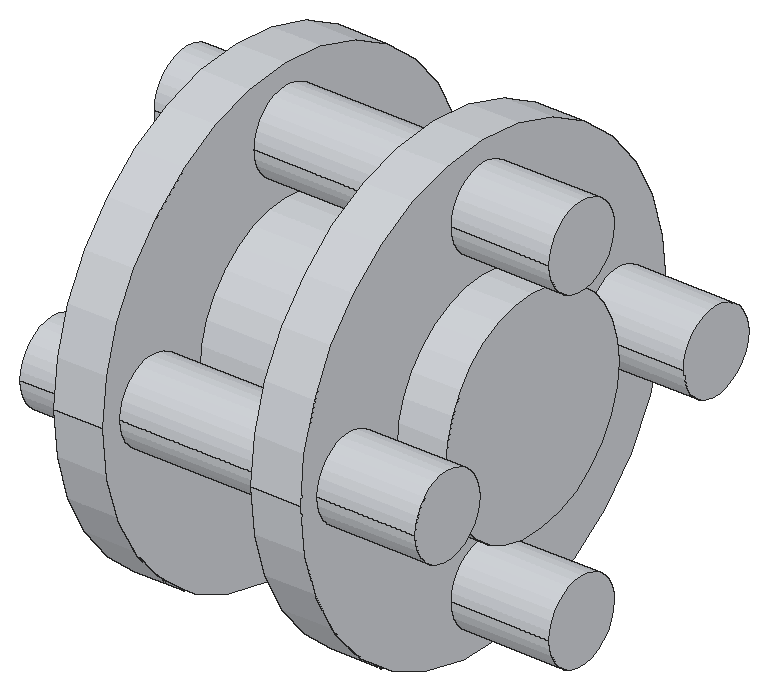
Revit family "União dupla - Junta - PPR", category Conexões de tubo, Revit 2019
Family settings
  Cota do conector redondo = Usar raio
  Tipo de parte = União
  Com base no plano de trabalho = Não
  Sempre na vertical = Sim
  Corte com vazios quando carregada = Não
  Compartilhado = Não
Parameters (values of type "Padrão")
  Tamanho da marca de revisão [instance] = Diâmetro externo do soquete * 0.4  # 10.68 mm
  Raio nominal [instance] = 10 mm
  Diâmetro nominal [instance] = Raio nominal * 2  # 20 mm
  Método de perda = Coeficiente K da tabela
  Nome da tabela de pesquisa = "BR_Double Union - Slip - PPR"
  Comprimento 1 [instance] = (Raio externo da conexão - Raio externo do soquete) / 2  # 7.425 mm
  Comprimento [instance] = size_lookup(Nome da tabela de pesquisa, "Lgt", 0.49 * Diâmetro nominal + 39 mm, Diâmetro nominal)  # 48.8 mm
  Tabela de coeficiente K = "Redutor/Acoplamento/União/Redutor"
  Raio externo do soquete [instance] = Diâmetro externo do soquete / 2  # 13.35 mm
  Diâmetro externo do soquete [instance] = size_lookup(Nome da tabela de pesquisa, "SOD", 1.4 * Diâmetro nominal - 1.3 mm, Diâmetro nominal)  # 26.7 mm
  Raio externo da conexão [instance] = Diâmetro externo da conexão / 2  # 28.2 mm
  Diâmetro externo da conexão [instance] = size_lookup(Nome da tabela de pesquisa, "FOD", 1.74 * Diâmetro nominal + 21.6 mm, Diâmetro nominal)  # 56.4 mm
Reference planes
  plane 1 "Centro (frente/trás)": y = 0
  plane 2: z = 0
  plane 3 "Centro (direita/esquerda)": x = 0
  plane 4: x = -21.35
  plane 5: x = 21.35
  plane 6: y = 10.68
  plane 7: y = -10.68
  plane 8: y = 28.2
  plane 9: y = -28.2
  plane 10: z = 28.2
  plane 11: z = -28.2
  plane 12: x = -15.25
  plane 13: x = -9.15
  plane 14: x = -3.05
  plane 15: x = 3.05
  plane 16: x = 9.15
  plane 17: x = 15.25
  plane 18: x = 27.45
Forms (mm)
  Extrusion 1, solid, detail levels fine
    sketch origin (0, 0, 0) x (0, 1, 0) y (0, 0, 1)
      loop
        circle (0, 0) r 13.35
    from -21.35 to 21.35
  Extrusion 2, solid, detail levels fine
    sketch origin (0, 0, 0) x (0, 1, 0) y (0, 0, 1)
      loop
        circle (0, 0) r 28.2
    from -15.25 to -9.15
  Extrusion 3, solid, detail levels fine
    sketch origin (0, 0, 0) x (0, 1, 0) y (0, 0, 1)
      loop
        circle (0, 0) r 28.2
    from 9.15 to 15.25
  Extrusion 4, solid, detail levels fine
    sketch origin (0, -380.256, -98.885) x (0, 1, 0) y (0, 0, 1)
      loop
        circle (380.256, 119.66) r 5
      loop
        circle (380.256, 78.11) r 5
      loop
        circle (401.031, 98.885) r 5
      loop
        circle (359.481, 98.885) r 5
    from -21.35 to 27.45
Cuts and joins
  joined: Extrusion 1, Extrusion 2, Extrusion 3, Extrusion 4
Lines and regions (mm)
  model lines, detail levels coarse+medium
    curve 1: line (-21.35, 0, 0) -> (21.35, 0, 0)
    curve 2: line (-21.35, 10.68, 0) -> (-21.35, -10.68, 0)
    curve 3: line (21.35, 10.68, 0) -> (21.35, -10.68, 0)
Dimensions and locks
  "Tamanho da marca de revisão": plane 6 to plane 1 "Centro (frente/trás)"
  "Tamanho da marca de revisão": plane 7 to plane 1 "Centro (frente/trás)"
  equal spacing: plane 8, plane 1 "Centro (frente/trás)", plane 9
  "Diâmetro externo da conexão": plane 8 to plane 9
  equal spacing: plane 10, level, plane 11
  "Diâmetro externo da conexão": plane 10 to plane 11
  equal spacing: plane 4, plane 12, plane 13, plane 14, plane 15, plane 16, plane 17, plane 5, plane 18
  equal spacing: plane 4, plane 3 "Centro (direita/esquerda)", plane 5  (x2)
  "Comprimento": plane 4 to plane 18
  "Comprimento 1": plane 10 to Extrusion 4 sketch curve
  "Comprimento 1": Extrusion 4 sketch curve to plane 11
  "Comprimento 1": plane 8 to Extrusion 4 sketch curve
  "Comprimento 1": Extrusion 4 sketch curve to plane 9
  "Raio externo do soquete": radius of Extrusion 1 sketch curve
  "Raio externo da conexão": radius of Extrusion 2 sketch curve
  "Raio externo da conexão": radius of Extrusion 3 sketch curve
  aligned and locked: plane 2 to Extrusion 1 sketch curve
  aligned and locked: plane 1 "Centro (frente/trás)" to Extrusion 1 sketch curve
  aligned and locked: Extrusion 1 to plane 4
  aligned and locked: Extrusion 1 to plane 5
  aligned and locked: plane 6 to curve 2
  aligned and locked: plane 7 to curve 2
  aligned and locked: curve 2 to plane 4
  aligned and locked: plane 6 to curve 3
  aligned and locked: plane 7 to curve 3
  aligned and locked: plane 5 to curve 3
  aligned and locked: plane 4 to curve 1
  aligned and locked: plane 5 to curve 1
  aligned and locked: plane 1 "Centro (frente/trás)" to curve 1
  aligned and locked: plane 4 to Extrusion 1
  aligned and locked: plane 5 to Extrusion 1
  aligned and locked: plane 2 to Extrusion 2 sketch curve
  aligned and locked: plane 12 to Extrusion 2
  aligned and locked: Extrusion 2 to plane 13
  aligned and locked: Extrusion 3 to plane 17
  aligned and locked: plane 16 to Extrusion 3
  aligned and locked: plane 2 to Extrusion 3 sketch curve
  aligned and locked: plane 1 "Centro (frente/trás)" to Extrusion 3 sketch curve
  aligned and locked: plane 1 "Centro (frente/trás)" to Extrusion 2 sketch curve
  aligned and locked: plane 1 "Centro (frente/trás)" to Extrusion 4 sketch curve  (x2)
  aligned and locked: plane 2 to Extrusion 4 sketch curve  (x2)
  aligned and locked: Extrusion 4 to plane 4
  aligned and locked: Extrusion 4 to plane 18
Automatic sketch dimensions
  radius of Extrusion 4 sketch curve = 5 mm  (x4)
Connectors
  piping at (-21.35, 0, 0), diameter 20, driven by "Raio nominal"
    settings: on Extrusion 1, index 1, connector inside diameter 20 mm, connector length 0 mm, flow factor 0, pipe flow 0.0 L/s, pressure drop 0.0 Pa, fitting loss kfactor 0, connector angle 0.00°, fixture units 0, engagement length 0 mm, angle of deflection 0.00°, flow configuration 0, flow direction 0, fitting loss method 0, system type 28, joint type 0, gender type 0, connector reference index 2, connector utility 0, adjustable connector no, is connector primary yes, connector description ""
  piping at (21.35, 0, 0), diameter 20, driven by "Raio nominal"
    settings: on Extrusion 1, index 2, connector inside diameter 20 mm, connector length 0 mm, flow factor 0, pipe flow 0.0 L/s, pressure drop 0.0 Pa, fitting loss kfactor 0, connector angle 0.00°, fixture units 0, engagement length 0 mm, angle of deflection 0.00°, flow configuration 0, flow direction 0, fitting loss method 0, system type 28, joint type 0, gender type 0, connector reference index 1, connector utility 0, adjustable connector no, is connector primary no, connector description ""
